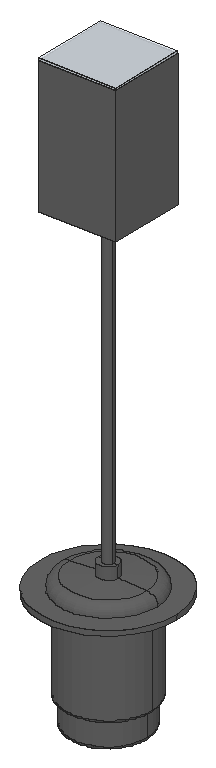
Revit family "LTC-3SQD-P", category Lighting Fixtures, host Face, Revit 2021
Family settings
  Host = Face
  Round Connector Dimension = Use Diameter
  Part Type = Normal
  OmniClass Number = 23.80.70.11.14.11
  OmniClass Title = Downlights
  Cut with Voids When Loaded = No
  Light Source = Yes
  Shared = No
  Room Calculation Point = No
Parameters (values of type "LTC-3SQD-P")
  Wattage Comments = "8-25W"
  Wattage = 100 W
  Warranty = "5 year warranty"  # constant formula
  built-in parameter 1150110 = 1 (stored number, unit not read)
  Voltage = 120 V
  built-in parameter 1114217 = 1 (stored number, unit not read)
  Tilt Angle = -90.00°  # constant formula
  built-in parameter 1150109 = 1 (stored number, unit not read)
  built-in parameter 1150134 = 3
  built-in parameter 1150113 = 1 (stored number, unit not read)
  Photometric Web File = "LTC-3SQD-P-20L35K8MD-DM1-S-BL.ies"
  Features = "•\t3inch architectural LED square downlight and wall wash cylinder delivering 600 - 2000 lm\r\n•\t4 beam distributions from 0.6 to 1.2 Spacing Criteria\r\n•\tQuiet reflector appearance with 50º optical cutoff\r\n•\t2700K - 5000K, 80+ and 90+ CRI options\r\n•\tAvailable in Surface, Wall, Pendant, or Cord Mount configurations\r\n•\tVariety of dimming protocol options including 0-10V, DALI, DMX, Forward Phase and EcoSystem\r\n•\tNX Distributed Intelligence™ wired and wireless controls capability available\r\n•\t2 SDCM color consistency\r\n•\tLong life L90 at 55,000 hrs (TM-21)\r\n•\tFive year warranty\r\n\r\n"  # constant formula
  Emit from Rectangle Width = 4.000"  # constant formula
  Emit from Rectangle Length = 4.000"  # constant formula
  Cord Height = 17.500"  # constant formula
  built-in parameter 1150105 = -5684000 (stored number, unit not read)
  Lumens = 2000 lm
  built-in parameter 1150115 = 1 (stored number, unit not read)
  built-in parameter 1150137 = (empty or 0)
  built-in parameter 1150139 = (empty or 0)
  built-in parameter 1150112 = 1 (stored number, unit not read)
  built-in parameter 1150114 = 1 (stored number, unit not read)
  built-in parameter 1150132 = 2
  built-in parameter 1150102 = (empty or 0)
  built-in parameter 1150107 = 3200 (stored number, unit not read)
  built-in parameter 1150138 = (empty or 0)
  built-in parameter 1150106 = -56840 (stored number, unit not read)
  Emit Shape Visible in Rendering = no
  built-in parameter 1150104 = 1.8581 (stored number, unit not read)
  Dimming Lamp Color Temperature Shift = <None>
  Copyright = "Prescolite"  # constant formula
  Contact us = ""
  Color Filter = 16777215
  Certifications = "• cCSAus certified to UL 1598\r\n• Wall Mount: Suitable for wet locations\r\n• Surface & Pendant Mount: Suitable for wet\r\nlocations under covered ceiling\r\n• Cord Mount and all Wall Wash: Suitable for\r\ndamp locations"  # constant formula
  built-in parameter 1114218 = 1 (stored number, unit not read)
  Ballast = Paint - Carbon Black
  URL = "https://www.currentlighting.com/prescolite"
  Product Page URL = ""
  Product Documentation Link = ""
  Model = "LTC-3SQD"  # constant formula
  Manufacturer = "Prescolite"  # constant formula
  Lamp = "LED Lamp"
  Reflector = Glass - Glass
  Description = "LITEISTRY™ 3inch Square Cylinder"  # constant formula
  Default Elevation = 48.000"
  built-in parameter 1150133 = 10 (stored number, unit not read)
  Apparent Load = 25 VA  # constant formula
Reference planes (in)
  plane 1 "Center (Front/Back)": y = 0
  plane 2: z = 0
  plane 3 "Center (Left/Right)": x = 0
  plane 4: z = 17.5
  plane 5: z = 17.25
  plane 6: x = -1
  plane 7: y = 1
  plane 8: x = 1
  plane 9: y = -1
  plane 10: z = 0.25
  plane 11: x = 3
  plane 12: x = -3
  plane 13: x = -2.75391
  plane 14: x = 2.75391
Forms (in)
  Revolve 1, solid, material "Paint - Carbon Black" <- "Ballast"
    sketch origin (0, 0, -5.91673) x (1, 0, 0) y (0, 0, 1)
      loop
        line (-2.43738, 5.91673) -> (0, 5.91673) -> (0, 23.41673) -> (-0.38833, 23.41673) -> (-0.38833, 23.16673) -> (-0.25, 23.16673) -> (-0.25, 7.36595) -> (-0.5, 7.36595) -> (-0.5, 6.77409)
        arc (-0.5, 6.77409) -> (-1.23654, 6.76804) -> (-1.96967, 6.69706) r 8.34337
        arc (-1.96967, 6.69706) -> (-2.42455, 6.43938) -> (-2.43738, 5.91673) r 0.53033
      axis (0, 23.41673) -> (0, 5.91673)
    angle from 0 to 360
  Extrusion 2, solid, material "Paint - Carbon Black" <- "Ballast"
    sketch origin (0, 0, 0) x (1, 0, 0) y (0, 1, 0)
      loop
        circle (0, 0) r 3.5
    from 0 to 0.25
  Revolve 3, solid, material "Paint - Carbon Black" <- "Ballast"
    sketch origin (0, 0, 0) x (1, 0, 0) y (0, 0, 1)
      loop
        line (0, -6) -> (0, 0.00055) -> (-2.5, 0.00055) -> (-2.5, -0.43712)
        arc (-2.5, -0.43712) -> (-2.48175, -0.48119) -> (-2.43767, -0.49945) r 0.06233
        line (-2.43767, -0.49945) -> (-2.30081, -0.49945)
        arc (-2.30081, -0.49945) -> (-2.26488, -0.51433) -> (-2.25, -0.55026) r 0.05081
        line (-2.25, -0.55026) -> (-2.25, -4.55877)
        arc (-2.25, -4.55877) -> (-2.2306, -4.6056) -> (-2.18377, -4.625) r 0.06623
        line (-2.18377, -4.625) -> (-2.03463, -4.625)
        arc (-2.03463, -4.625) -> (-2.01014, -4.63514) -> (-2, -4.65963) r 0.03463
        line (-2, -4.65963) -> (-2, -5.88059)
        arc (-2, -5.88059) -> (-1.96503, -5.96503) -> (-1.88059, -6) r 0.11941
        line (-1.88059, -6) -> (0, -6)
      axis (0, 0.00055) -> (0, -6)
    angle from 0 to 360
Cuts and joins
  joined: Revolve 1, Extrusion 2
Dimensions and locks (in)
  "Cord Height": plane 4 to host face
  locked: plane 4 to plane 5 at 0.25
  plane 6 to plane 3 "Center (Left/Right)" to plane 8 = 1.000" locked, 1.000" locked
  plane 7 to plane 1 "Center (Front/Back)" to plane 9 = 1.000" locked, 1.000" locked
  locked: plane 10 to level at 0.25
  host face to Revolve 3 sketch curve = 6.000"
  nested 1 to plane 4 = 7.000"
  aligned and locked: plane 2 to host face
  aligned and locked: Revolve 1 sketch curve to plane 4
  aligned and locked: Revolve 1 sketch curve to host face
  aligned and locked: plane 5 to Revolve 1 sketch curve
  aligned and locked: plane 3 "Center (Left/Right)" to nested 1
  aligned and locked: nested 1 to plane 1 "Center (Front/Back)"
  aligned and locked: Extrusion 2 to level
  aligned and locked: plane 10 to Extrusion 2
  aligned and locked: plane 3 "Center (Left/Right)" to imposter light
  aligned and locked: imposter light to nested 1
Automatic sketch dimensions
  host sketch curve to host sketch curve = 96.000"  (x2)
  Revolve 3 sketch curve to plane 3 "Center (Left/Right)" = 0.000"  (x2)
  plane 13 to Revolve 3 sketch curve = 0.87332"
  Revolve 3 sketch curve to Revolve 3 sketch curve = 0.11941"
  Revolve 3 sketch curve to Revolve 3 sketch curve = 0.03463"
  Revolve 3 sketch curve to Revolve 3 sketch curve = 0.14914"
  Revolve 3 sketch curve to Revolve 3 sketch curve = 0.06623"
  Revolve 3 sketch curve to Revolve 3 sketch curve = 0.05081"
  Revolve 3 sketch curve to Revolve 3 sketch curve = 0.13687"
  level to Revolve 3 sketch curve = 0.00055"
  plane 13 to Revolve 3 sketch curve = 0.25391"
  Revolve 3 sketch curve to Revolve 3 sketch curve = 1.22096"
  Revolve 3 sketch curve to level = 0.55026"
  Revolve 3 sketch curve to Revolve 3 sketch curve = 17.63999"
  plane 4 to Revolve 3 sketch curve = 31.07883"
  plane 1 "Center (Front/Back)" to Extrusion 2 sketch curve = 0.000"
  Extrusion 2 sketch curve to plane 3 "Center (Left/Right)" = 0.000"
  Revolve 1 sketch curve to plane 3 "Center (Left/Right)" = 0.000"  (x2)
  Revolve 1 sketch curve to plane 3 "Center (Left/Right)" = 0.250"
  Revolve 1 sketch curve to Revolve 1 sketch curve = 0.13833"
  Revolve 1 sketch curve to Revolve 1 sketch curve = 0.500"
  plane 6 to Revolve 1 sketch curve = 0.20012"
  Revolve 1 sketch curve to plane 6 = 0.96967"
  Revolve 1 sketch curve to level = 7.48063"
  plane 10 to Revolve 1 sketch curve = 1.19922"
  Revolve 1 sketch curve to Revolve 1 sketch curve = 0.46771"
  Revolve 1 sketch curve to Revolve 1 sketch curve = 6.27665"
  Revolve 1 sketch curve to Revolve 1 sketch curve = 7.74272"
  Revolve 1 sketch curve to plane 10 = 0.000"
  radius of Extrusion 2 sketch curve = 3.500"
Nested families (in)
  nested 1: "LTC" at (0, 0, 17.5) x (0, 1, 0) z (0, 0, 1), Ballast <- "Ballast", Reflector <- "Reflector", type "6"
    with Reflector Glass - Glass, Ballast Paint - Carbon Black
Connectors (in)
  electrical at (0, 0, 0), driven by "Description", driven by "Voltage", driven by "Apparent Load"
    settings: index 1, voltage 120 V, apparent load 25 VA, apparent load phase1 0 VA, apparent load phase2 0 VA, apparent load phase3 0 VA, power factor 1, load classification "Other", number of poles 1, system type 30, power factor state 1, is connector primary yes, connector utility no, sub classification motor no, connector description "LITEISTRY™ 3inch Square Cylinder"
Definition of nested family "LTC"
  Parameters
    Width = 3.92188"
    Wattage Comments = ""
    Lamp = ""
    Ballast [instance] = none
    URL = ""
    Product Page URL = ""
    Product Documentation Link = ""
    Model = ""
    Manufacturer Phone = ""
    Manufacturer Fax = ""
    Manufacturer = "Prescolite"
    Reflector [instance] = none
    Description = ""
    Default Elevation = 48.000"
  Reference planes (in)
    plane 1 "Center (Front/Back)": y = 0
    plane 2: z = 0
    plane 3 "Center (Left/Right)": x = 0
    plane 4: y = 1.96094
    plane 5: y = -1.96094
    plane 6: z = 7
    plane 7: z = 0.125
    plane 8: x = 1.96094
    plane 9: z = 6.875
    plane 10: x = -1.96094
  Forms (in)
    Extrusion 1, solid
      sketch origin (0, 0, 0) x (1, 0, 0) y (0, 1, 0)
        loop
          line (-48, 48) -> (-48, -48) -> (48, -48) -> (48, 48) -> (-48, 48)
      from 0 to -6
    Extrusion 2, solid, material <- "Reflector"
      sketch origin (0, 0, 30.25) x (1, 0, 0) y (0, 1, 0)
        loop
          line (-1.96094, 1.96094) -> (-1.96094, -1.96094) -> (1.96094, -1.96094) -> (1.96094, 1.96094) -> (-1.96094, 1.96094)
      from -23.25 to -23.375
    Extrusion 3, solid, material <- "Ballast"
      sketch origin (0, 0, 0) x (1, 0, 0) y (0, 1, 0)
        loop
          line (-1.96094, 1.96094) -> (-1.96094, -1.96094) -> (1.96094, -1.96094) -> (1.96094, 1.96094) -> (-1.96094, 1.96094)
      from 0 to 6.875
  Dimensions and locks (in)
    equal spacing: plane 4, plane 1 "Center (Front/Back)", plane 5
    "Width": plane 5 to plane 4
    equal spacing: plane 10, plane 3 "Center (Left/Right)", plane 8
    "Width": plane 10 to plane 8
    aligned and locked: plane 2 to Extrusion 1
    aligned and locked: Extrusion 2 to plane 9
    aligned and locked: plane 9 to Extrusion 3
  Automatic sketch dimensions
    Extrusion 1 sketch curve to Extrusion 1 sketch curve = 96.000"  (x2)
    Extrusion 3 sketch curve to plane 5 = 0.000"
    Extrusion 3 sketch curve to plane 10 = 0.000"
    Extrusion 3 sketch curve to plane 8 = 0.000"
    plane 4 to Extrusion 3 sketch curve = 0.000"
    Extrusion 2 sketch curve to plane 5 = 0.000"
    Extrusion 2 sketch curve to plane 10 = 0.000"
    Extrusion 2 sketch curve to plane 8 = 0.000"
    plane 4 to Extrusion 2 sketch curve = 0.000"
